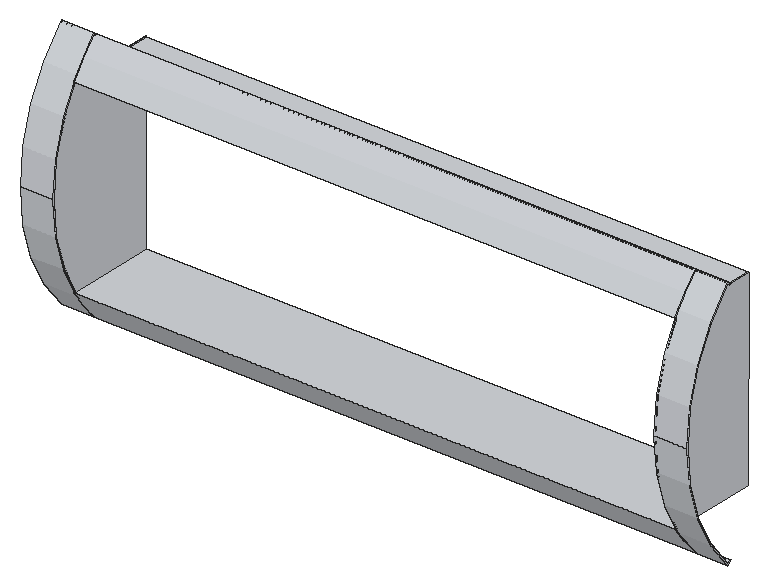
Revit family "ECO20_24X8_14in_dia", category Air Terminals, Revit 2016
Family settings
  Part Type = Normal
  Round Connector Dimension = Use Diameter
  Work Plane-Based = No
  Always vertical = Yes
  Cut with Voids When Loaded = No
  Shared = No
  Room Calculation Point = No
Parameters
  URL = "http://www.anemostat.com"
  Opposed Blade Damper = no
  Model = "S Series Grille with OBD"
  Manufacturer = "Anemostat"
  Overall Width = Grille Width User Defined + 1 13/16"  # 13 13/16"
  Overall Height = Grille Height User Defined + 1 13/16"  # 13 13/16"
  Grille Width User Defined = 12"
  Grille Height User Defined = 12"
  Back of Grille = 1 7/16"
Reference planes (in)
  plane 1 "Center (Front/Back)": y = 0
  plane 2: z = 0
  plane 3 "Center (Left/Right)": x = 0
  plane 4: x = -12.78125
  plane 5 "Grille Width Right": x = 12.78125
  plane 6: z = 9.75
  plane 7: z = 4.875
  plane 8: x = -11.53125
  plane 9 "End Plate Right": x = 11.53125
  plane 10: z = 8.5
  plane 11: z = 1.25
  plane 12: y = -2.5
Forms (in)
  Extrusion 1, solid
    sketch origin (11.53125, 0, 0) x (0, 0, 1) y (0, -1, 0)
      loop
        arc (9.75, 2.50037) -> (9.15229, 3.01818) -> (8.5, 3.46526) r 7
        line (8.5, 3.46526) -> (8.5, 0) -> (8.533, 0) -> (8.533, 3.40642)
        arc (8.533, 3.40642) -> (9.1421, 2.98435) -> (9.70292, 2.49996) r 6.967
        line (9.70292, 2.49996) -> (9.59408, 2.39113) -> (9.61742, 2.36779) -> (9.75, 2.50037)
      loop
        line (0, 2.50037) -> (0.13258, 2.36779) -> (0.15592, 2.39113) -> (0.04708, 2.49996)
        arc (0.04708, 2.49996) -> (0.6079, 2.98435) -> (1.217, 3.40642) r 6.967
        line (1.217, 3.40642) -> (1.217, 0) -> (1.25, 0) -> (1.25, 3.46526)
        arc (1.25, 3.46526) -> (0.59771, 3.01818) -> (0, 2.50037) r 7
    from 0 to -23.0625
  Extrusion 2, solid
    sketch origin (11.53125, -0.5, 0) x (0, 0, 1) y (0, -1, 0)
      loop
        arc (9.75, 2.00037) -> (7.50793, 3.46295) -> (4.88082, 3.97699) r 7
        arc (4.88082, 3.97699) -> (2.24746, 3.46513) -> (0, 2.00037) r 7
        line (0, 2.00037) -> (0.13258, 1.86779) -> (0.15592, 1.89113) -> (0.04708, 1.99996)
        arc (0.04708, 1.99996) -> (2.27269, 3.43974) -> (4.875, 3.94399) r 6.967
        arc (4.875, 3.94399) -> (7.47731, 3.43974) -> (9.70292, 1.99996) r 6.967
        line (9.70292, 1.99996) -> (9.59408, 1.89113) -> (9.61742, 1.86779) -> (9.75, 2.00037)
    from 0 to 1.25
  Extrusion 3, solid
    sketch origin (-12.78125, -0.5, 0) x (0, 0, 1) y (0, -1, 0)
      loop
        arc (9.75, 2.00037) -> (7.50793, 3.46295) -> (4.88082, 3.97699) r 7
        arc (4.88082, 3.97699) -> (2.24746, 3.46513) -> (0, 2.00037) r 7
        line (0, 2.00037) -> (0.13258, 1.86779) -> (0.15592, 1.89113) -> (0.04708, 1.99996)
        arc (0.04708, 1.99996) -> (2.27269, 3.43974) -> (4.875, 3.94399) r 6.967
        arc (4.875, 3.94399) -> (7.47731, 3.43974) -> (9.70292, 1.99996) r 6.967
        line (9.70292, 1.99996) -> (9.59408, 1.89113) -> (9.61742, 1.86779) -> (9.75, 2.00037)
    from 0 to 1.25
  Extrusion 4, solid
    sketch origin (11.53125, 0, 0) x (0, 0, 1) y (0, -1, 0)
      loop
        arc (8.533, 3.40642) -> (4.875, 4.44399) -> (1.217, 3.40642) r 6.967
        line (1.217, 3.40642) -> (1.217, 0) -> (8.533, 0) -> (8.533, 3.40642)
    from 0 to 0.03125
  Extrusion 5, solid
    sketch origin (-11.5625, 0, 0) x (0, 0, 1) y (0, -1, 0)
      loop
        arc (8.533, 3.40642) -> (4.875, 4.44399) -> (1.217, 3.40642) r 6.967
        line (1.217, 3.40642) -> (1.217, 0) -> (8.533, 0) -> (8.533, 3.40642)
    from 0 to 0.03125
Dimensions and locks (in)
  plane 4 to plane 3 "Center (Left/Right)" = 12 25/32"
  equal spacing: plane 5 "Grille Width Right", plane 3 "Center (Left/Right)", plane 4
  plane 5 "Grille Width Right" to plane 4 = 25 9/16"
  equal spacing: plane 6, plane 7, level
  plane 6 to level = 9 3/4"
  aligned and locked: Extrusion 1 to plane 8
Automatic sketch dimensions
  Extrusion 1 sketch curve to Extrusion 1 sketch curve = 0"  (x12)
  Extrusion 1 sketch curve to level = 0"
  Extrusion 1 sketch curve to plane 1 "Center (Front/Back)" = 0"  (x2)
  Extrusion 1 sketch curve to plane 11 = 0"
  Extrusion 1 sketch curve to plane 7 = 0"
  Extrusion 1 sketch curve to plane 10 = 0"
  Extrusion 1 sketch curve to plane 6 = 0"
  plane 12 to Extrusion 1 sketch curve = 0.00004"  (x2)
  level to Extrusion 1 sketch curve = 0.04708"
  level to Extrusion 1 sketch curve = 0.13258"
  plane 12 to Extrusion 1 sketch curve = 0.10887"
  Extrusion 1 sketch curve to Extrusion 1 sketch curve = 0.02333"  (x2)
  Extrusion 1 sketch curve to Extrusion 1 sketch curve = 0.033"
  plane 10 to Extrusion 1 sketch curve = 0.033"
  Extrusion 1 sketch curve to plane 6 = 0.15592"
  Extrusion 1 sketch curve to plane 6 = 0.04708"
  Extrusion 1 sketch curve to plane 1 "Center (Front/Back)" = 2.52301"
  plane 12 to Extrusion 1 sketch curve = 0.13221"
  Extrusion 2 sketch curve to Extrusion 2 sketch curve = 0"  (x5)
  Extrusion 2 sketch curve to level = 0"
  Extrusion 2 sketch curve to plane 7 = 0"
  Extrusion 2 sketch curve to plane 6 = 0"
  level to Extrusion 2 sketch curve = 0.04708"
  level to Extrusion 2 sketch curve = 0.13258"
  Extrusion 2 sketch curve to Extrusion 2 sketch curve = 0.02333"  (x3)
  Extrusion 2 sketch curve to plane 6 = 0.15592"
  Extrusion 2 sketch curve to plane 6 = 0.04708"
  Extrusion 2 sketch curve to plane 1 "Center (Front/Back)" = 2.52301"
  plane 12 to Extrusion 2 sketch curve = 0.13221"
  plane 7 to Extrusion 2 sketch curve = 0.00582"
  Extrusion 3 sketch curve to Extrusion 3 sketch curve = 0"  (x12)
  Extrusion 3 sketch curve to level = 0"
  Extrusion 3 sketch curve to plane 7 = 0"
  Extrusion 3 sketch curve to plane 6 = 0"
  plane 12 to Extrusion 3 sketch curve = 0.00004"  (x2)
  level to Extrusion 3 sketch curve = 0.04708"
  level to Extrusion 3 sketch curve = 0.13258"
  plane 12 to Extrusion 3 sketch curve = 0.10887"
  Extrusion 3 sketch curve to Extrusion 3 sketch curve = 0.02333"  (x2)
  Extrusion 3 sketch curve to plane 6 = 0.15592"
  Extrusion 3 sketch curve to plane 1 "Center (Front/Back)" = 2.52301"
  plane 7 to Extrusion 3 sketch curve = 0.00582"
  Extrusion 4 sketch curve to plane 1 "Center (Front/Back)" = 0"
  Extrusion 4 sketch curve to plane 7 = 0"
  Extrusion 4 sketch curve to plane 11 = 0.033"
  plane 10 to Extrusion 4 sketch curve = 0.033"
  Extrusion 4 sketch curve to plane 1 "Center (Front/Back)" = 2.52301"
  Extrusion 4 sketch curve to plane 12 = 0.90642"
  Extrusion 5 sketch curve to plane 1 "Center (Front/Back)" = 0"
  Extrusion 5 sketch curve to plane 7 = 0"
  Extrusion 5 sketch curve to plane 11 = 0.033"
  plane 10 to Extrusion 5 sketch curve = 0.033"
  Extrusion 5 sketch curve to plane 1 "Center (Front/Back)" = 2.52301"
  Extrusion 5 sketch curve to plane 12 = 0.90642"
